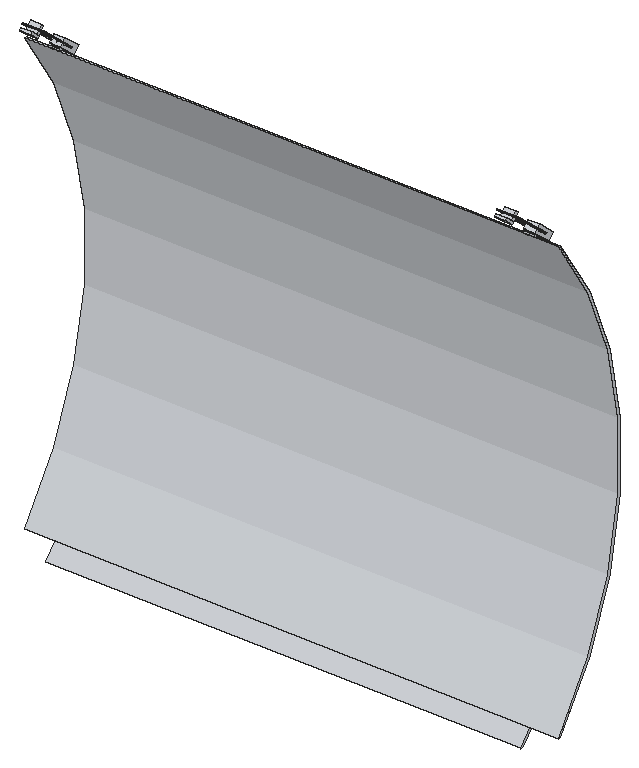
Revit family "SD-95", category Mechanical Equipment, Revit 2015
Parameters
  Y [instance] = Door Radius * cos(N / 2)  # 0' - 9.5008"
  URL = "https://unitedenertech.com/catalog/pdf/J_2%20Model%20SD-95.pdf"
  Type Comments = "Max. Size is (24\" Duct Diameter)"
  N/2 [instance] = N / 2  # 38.0116°
  N [instance] = (B / (6.2832 * Door Radius)) * 360.00°  # 76.0232°
  Model = "SD-95"
  Manufacturer = "United Enertech Corporation"
  Keynote = "Select Duct Diameter as required and see chart on submittal for appropriate A and B Dimensions."
  Hinge Radius [instance] = Door Radius + 0' 0 15/256"  # 1' - 0 15/128"
  Height [instance] = 2 * Door Radius * sin(N / 2)  # 1' - 2.85187"
  Duct Radius [instance] = Duct Diameter / 2  # 1' - 0"
  Duct Diameter = 2' - 0"
  Door Radius [instance] = Duct Radius + 0' 0 15/256"  # 1' - 0 15/256"
  Description = "Spiral Duct Access Door"
  B = 1' - 4"
  A = 1' - 6"
Reference planes (in)
  plane 1 "Center (Front/Back)": y = 0
  plane 2: z = 0
  plane 3 "Center (Left/Right)": x = 0
  plane 4: z = -7.42593
  plane 5: z = 7.42593
  plane 6: x = -9
  plane 7: x = 9
  plane 8: x = -8
  plane 9: x = 8
  plane 10: z = -7.92593
  plane 11: y = 9.5008
Forms (in)
  Extrusion 1, solid
    sketch origin (0, 0, 0) x (0, 1, 0) y (0, 0, 1)
      loop
        line (9.42632, -7.42593) -> (9.5008, -7.42593)
        arc (9.5008, -7.42593) -> (12.05859, 0) -> (9.5008, 7.42593) r 12.05859
        line (9.5008, 7.42593) -> (9.42632, 7.42593)
        arc (9.42632, 7.42593) -> (12, 0) -> (9.42632, -7.42593) r 12
    from -9 to 9
  Extrusion 2, solid
    sketch origin (0, 0, 0) x (0, 1, 0) y (0, 0, 1)
      loop
        arc (9.16547, -7.92593) -> (9.3736, -7.67866) -> (9.57506, -7.42593) r 12.11719
        line (9.57506, -7.42593) -> (9.5008, -7.42593)
        arc (9.5008, -7.42593) -> (9.29769, -7.67871) -> (9.08786, -7.92593) r 12.05859
        line (9.08786, -7.92593) -> (9.16547, -7.92593)
    from -8 to 8
Lines and regions (in)
  reference lines
    curve 1: line (0, 0, 0) -> (0, 22.8487, 17.8588)
    curve 2: line (0, 0, 0) -> (0, 28.36391, -22.16955)
Dimensions and locks (in)
  equal spacing: plane 5, level, plane 4
  "Height": plane 5 to plane 4
  equal spacing: plane 6, plane 3 "Center (Left/Right)", plane 7
  "A": plane 6 to plane 7
  locked: plane 6 to plane 8 at 1
  locked: plane 9 to plane 7 at 1
  locked: plane 4 to plane 10 at 0.5
  "Y": plane 11 to plane 1 "Center (Front/Back)"
  "Duct Radius": radius of Extrusion 1 sketch curve
  "Door Radius": radius of Extrusion 1 sketch curve
  "Door Radius": radius of Extrusion 2 sketch curve
  "Hinge Radius": radius of Extrusion 2 sketch curve
  "N/2": angle curve 1 to level
  "N/2": angle level to curve 2
  aligned and locked: level to plane 2
  aligned and locked: Extrusion 1 sketch curve to plane 5
  aligned and locked: Extrusion 1 sketch curve to plane 4
  aligned and locked: plane 6 to Extrusion 1
  aligned and locked: plane 7 to Extrusion 1
  aligned and locked: plane 1 "Center (Front/Back)" to curve 2
  aligned and locked: level to curve 2
  aligned and locked: Extrusion 2 sketch curve to plane 4
  aligned and locked: Extrusion 2 sketch curve to plane 10
  aligned and locked: Extrusion 2 to plane 8
  aligned and locked: Extrusion 2 to plane 9
  aligned and locked: nested 1 to plane 11
  aligned and locked: nested 1 to plane 5
  aligned and locked: nested 1 to plane 8
  aligned and locked: plane 9 to nested 2
  aligned and locked: plane 5 to nested 2
  aligned and locked: plane 11 to nested 2
Automatic sketch dimensions
  Extrusion 1 sketch curve to Extrusion 1 sketch curve = 0' - 0"  (x2)
  Extrusion 1 sketch curve to level = 0' - 0"
  Extrusion 1 sketch curve to plane 1 "Center (Front/Back)" = 0' - 0"
  Extrusion 1 sketch curve to plane 4 = 0' - 0"  (x2)
  Extrusion 2 sketch curve to Extrusion 2 sketch curve = 0' - 0"  (x2)
  Extrusion 2 sketch curve to level = 0' - 0"
  Extrusion 2 sketch curve to plane 1 "Center (Front/Back)" = 0' - 0"
  Extrusion 2 sketch curve to plane 10 = 0' - 0"
Nested families (in)
  nested 1: "Simplified Clip" at (-8, 10.539, 7.6019), type "Simplified Clip"
  nested 2: "Simplified Clip" at (8, 10.539, 7.6019) x (-1, 0, 0) z (0, 0, 1), type "Simplified Clip"
Definition of nested family "Simplified Clip"
  Reference planes (in)
    plane 1 "Center (Front/Back)": y = 0
    plane 2: z = 0
    plane 3 "Center (Left/Right)": x = 0
    plane 4: z = 0.375
    plane 5: z = 0.09
    plane 6: z = 0.2016
    plane 7: z = 0.2466
    plane 8: y = 1.10849
  Forms (in)
    Extrusion 1, solid
      sketch origin (0.89372, 8.30814, 5.86525) x (1, 0, 0) y (0, 0.766044, 0.642788)
        loop
          line (-1.08122, -10.10026) -> (-0.70622, -10.10026) -> (-0.70622, -9.35026) -> (-1.08122, -9.35026) -> (-1.08122, -10.10026)
      from 0.09 to 0.375
    Extrusion 2, solid
      sketch origin (0.89372, 8.30814, 5.86525) x (1, 0, 0) y (0, 0.766044, 0.642788)
        loop
          line (-1.08122, -10.30643) -> (-0.70622, -10.30643) -> (-0.70622, -9.35026) -> (-1.08122, -9.35026) -> (-1.08122, -10.30643)
      from 0 to 0.09
    Extrusion 3, solid
      sketch origin (0.89372, 9.95474, 7.24691) x (1, 0, 0) y (0, 0.766044, 0.642788)
        loop
          line (-1.08122, -10.30643) -> (-0.70622, -10.30643) -> (-0.70622, -10.21592) -> (-1.08122, -10.21592) -> (-1.08122, -10.30643)
      from 0.09 to 0.375
    Extrusion 4, solid
      sketch origin (0.89372, 9.95474, 7.24691) x (1, 0, 0) y (0, 0.766044, 0.642788)
        loop
          line (-1.08122, -10.30643) -> (-0.70622, -10.30643) -> (-0.70622, -9.95599) -> (-1.08122, -9.95599) -> (-1.08122, -10.30643)
      from 0 to 0.09
    Extrusion 5, solid
      sketch origin (0.89372, 8.30814, 5.86525) x (1, 0, 0) y (0, 0.766044, 0.642788)
        loop
          line (-1.0005, -9.59208) -> (-1.0005, -9.54521) -> (-1.20363, -9.54521) -> (-1.20363, -8.06644) -> (-0.58381, -8.06644) -> (-0.58381, -9.54521) -> (-0.78693, -9.54521) -> (-0.78693, -9.59208) -> (-0.53693, -9.59208) -> (-0.53693, -8.01957) -> (-1.2505, -8.01957) -> (-1.2505, -9.59208) -> (-1.0005, -9.59208)
      from 0.2016 to 0.2466
    Extrusion 6, void
      sketch origin (0, 0, 0) x (0, 1, 0) y (0, 0, 1)
        loop
          line (1.10849, -0.34079) -> (1.50723, -0.34079) -> (1.50723, 0) -> (1.10849, 0) -> (1.10849, -0.34079)
      from -1.109 to 0.98831
    Extrusion 7, void
      sketch origin (0, 0, 0) x (0, 1, 0) y (0, 0, 1)
        loop
          line (1.03819, -0.17597) -> (1.03819, -0.28677) -> (1.29994, -0.28677) -> (1.29994, -0.17597) -> (1.03819, -0.17597)
      from -1.109 to 0.98831
  Cuts and joins
    Extrusion 6, Extrusion 7 cuts Extrusion 2
  Dimensions and locks (in)
    aligned and locked: level to plane 2
